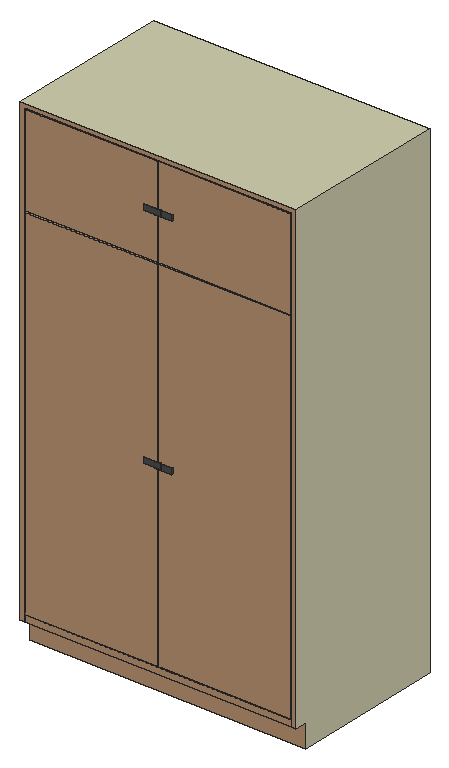
Revit family "Cabinet_Wenger_UltraStor_34", category Furniture, Revit 2015
Parameters (values of type "UltraStor Cabinet #34 - Comp Wood Doors")
  Upper Door Style = Door_Base : Solid Door
  URL = "https://www.wengercorp.com/"
  Type Comments = ""
  Specification = "http://www.arcat.com/sdspecs/htm04/12_35_83wen.htm"
  Shelf Thickness = 0' - 1 1/8"
  Sales Information = "https://www.wengercorp.com/contact-us.php"
  Revision = "R1_2018-04"
  Rear Panel Thickness = 0' - 0 3/4"
  Product Data = "http://www.arcat.com/arcatcos/cos36/arc36487.html"
  Manufacturer Website = "https://www.wengercorp.com/"
  Manufacturer Phone - Toll Free = "800-4WENGER"
  Manufacturer Phone = "(507) 455-4100"
  Manufacturer Fax = "(507) 455-4258"
  Manufacturer Address = "555 Park Dr., Owatonna, MN 55060"
  Keynote = "12 35 83"
  HasDoors = yes
  Green Building-LEED = "http://www.arcat.com/green/clients/leed_data_36487.html"
  Drawn By = "Sumex Design, Inc. / Robert S. Weygant, CSI, CDT, SCIP"
  Door Width = (Cabinet Width - 0' 1 1/2") / 2  # 1' - 11 1/2"
  Door Style = Door_FullHt : Solid Door
  Door Material [instance] = Wenger Cherry (Use Cherry Edge Band Only)
  Door Height = (Cabinet Height - 0' 4 3/4") / 5  # 1' - 4.175"
  Toe Kick Material [instance] = Wenger Cherry (Use Cherry Edge Band Only)
  RH End Panel [instance] = no
  Model = "#34"
  Manufacturer = "Wenger Corporation"
  LH End Panel [instance] = no
  End Panel Material [instance] = Wenger Cherry (Use Cherry Edge Band Only)
  Edge Banding Material [instance] = Wenger Cherry (Use Cherry Edge Band Only)
  Cost = 0
  Copyright = "© 2018 Arcat Inc."
  Construction Details = "http://www.arcat.com/details/wengerco/wengerco.html?coid=36487"
  Body Material [instance] = Wenger - Oyster
  Description = "Wenger UltraStor Cabinet #34 - Comp Wood Doors"
  Cabinet Width = 4' - 0 1/2"
  Cabinet Height = 7' - 1 5/8"
  Installed Depth = 2' - 5 1/4"
  Cabinet Panel Thickness = 0' - 0 3/4"
  Assembly Code = "E2010200"
Types (4): name | Upper Door Style | HasDoors | Door Style | Door Material | Description
  UltraStor Cabinet #34 - Comp Grille Doors | Door_Base : Bars | yes | Door_FullHt : Bars | Painted Black | "Wenger UltraStor Cabinet #34 - Comp Grille Doors"
  UltraStor Cabinet #34 - Comp Waterfall Grille Doors | Door_Base : Waterfall | yes | Door_FullHt : Waterfall | Painted Black | "Wenger UltraStor Cabinet #34 - Comp Waterfall Grille Doors"
  UltraStor Cabinet #34 - No Doors | Door_Base : Solid Door | no | Door_FullHt : Solid Door | none | "Wenger UltraStor Cabinet #34 - No Doors"
  UltraStor Cabinet #34 - Comp Wood Doors | Door_Base : Solid Door | yes | Door_FullHt : Solid Door | Wenger Cherry (Use Cherry Edge Band Only) | "Wenger UltraStor Cabinet #34 - Comp Wood Doors"
Reference planes (in)
  plane 1 "Front": y = 0
  plane 2: z = 0
  plane 3 "Left": x = 0
  plane 4 "Right": x = 48.5
  plane 5 "Back": y = 29.25
  plane 6 "Top": z = 85.625
  plane 7: z = 4
  plane 8: z = 68.7
  plane 9: x = 0.75
  plane 10: x = 47.75
  plane 11: z = 84.875
  plane 12: x = 24.25
  plane 13: y = 28.5
  plane 14: y = 2
  plane 15: y = 0.75
  plane 16: z = 69.825
  plane 17: z = 5.125
Forms (in)
  Extrusion 1, solid, material "Wenger - Oyster" <- "Body Material"
    sketch origin (0, 0, 0) x (0, 1, 0) y (0, 0, 1)
      loop
        line (0, 85.625) -> (0, 4) -> (2, 4) -> (2, 0) -> (29.25, 0) -> (29.25, 85.625) -> (0, 85.625)
    from 0 to 48.5
  Extrusion 2, void
    sketch origin (0, 0, 0) x (0, 1, 0) y (0, 0, 1)
      loop
        line (-5.5, 84.875) -> (-5.5, 68.7) -> (0.75, 68.7)
        arc (0.75, 68.7) -> (1.18296, 69.47588) -> (2, 69.825) r 1.375
        line (2, 69.825) -> (28.5, 69.825) -> (28.5, 84.875) -> (-5.5, 84.875)
    from 0.75 to 47.75
  Extrusion 3, void
    sketch origin (0, 0, 0) x (0, 1, 0) y (0, 0, 1)
      loop
        line (0, 84.875) -> (0, 4) -> (0.0625, 4) -> (0.0625, 84.875) -> (0, 84.875)
    from 0.75 to 47.75
  Extrusion 4, void
    sketch origin (0, 0, 0) x (1, 0, 0) y (0, 0, 1)
      loop
        line (0.75, 68.7) -> (0.75, 5.125) -> (47.75, 5.125) -> (47.75, 68.7) -> (0.75, 68.7)
    from -28.5 to 0
  Extrusion 5, solid, material "Metal_Black", detail levels fine
    sketch origin (0, 0, 0) x (0, 1, 0) y (0, 0, 1)
      loop
        line (14.09046, 66.01016) -> (14.09046, 67.26016) -> (13.46546, 67.26016) -> (13.24646, 66.88084) -> (13.31074, 66.84373) -> (13.50831, 67.18594) -> (14.01624, 67.18594) -> (14.01624, 66.01016) -> (14.09046, 66.01016)
    from 0.75 to 47.75
Cuts and joins
  Extrusion 2, Extrusion 3, Extrusion 4 cuts Extrusion 1
Lines and regions (in)
  Masking region 1
    outline origin (0, 0, 0) x (1, 0, 0) y (0, 1, 0)
      loop
        line (0, 29.25) -> (0, 0) -> (48.5, 0) -> (48.5, 29.25) -> (0, 29.25)
Dimensions and locks (in)
  "Cabinet Panel Thickness": plane 3 "Left" to plane 9
  "Cabinet Panel Thickness": plane 10 to plane 4 "Right"
  "Cabinet Panel Thickness": plane 5 "Back" to plane 13
  locked: plane 1 "Front" to plane 15 at 0.75
  locked: plane 1 "Front" to plane 14 at 2
  "Shelf Thickness": plane 16 to plane 8
  "Cabinet Panel Thickness": plane 6 "Top" to plane 11
  "Shelf Thickness": plane 17 to plane 7
  "Cabinet Width": plane 3 "Left" to plane 4 "Right"
  locked: plane 7 to level at 4
  "Cabinet Height": plane 6 "Top" to level
  "Installed Depth": plane 1 "Front" to plane 5 "Back"
  equal spacing: plane 5 "Back", nested 2, plane 1 "Front"
  locked: nested 2 to plane 12
  equal spacing: plane 4 "Right", plane 12, plane 3 "Left"
  "Door Height": plane 11 to plane 8
  aligned and locked: Extrusion 1 sketch curve to plane 6 "Top"
  aligned and locked: Extrusion 1 sketch curve to plane 5 "Back"
  aligned and locked: Extrusion 1 sketch curve to plane 1 "Front"
  aligned and locked: Extrusion 1 sketch curve to plane 7
  aligned and locked: Extrusion 1 sketch curve to plane 14
  aligned and locked: Extrusion 1 sketch curve to level
  aligned and locked: Extrusion 1 to plane 4 "Right"
  aligned and locked: Extrusion 1 to plane 3 "Left"
  aligned and locked: Extrusion 2 sketch curve to plane 11
  aligned and locked: Extrusion 2 sketch curve to plane 13
  aligned and locked: Extrusion 2 sketch curve to plane 8
  aligned and locked: Extrusion 2 sketch curve to plane 16
  aligned and locked: Extrusion 2 to plane 9
  aligned and locked: Extrusion 3 sketch curve to cut or joined group of Extrusion 1, Extrusion 2, Extrusion 3, Extrusion 4  (x2)
  aligned and locked: Extrusion 3 to plane 10
  aligned and locked: Extrusion 3 to plane 9
  aligned and locked: plane 8 to cut or joined group of Extrusion 1, Extrusion 2, Extrusion 3, Extrusion 4
  aligned and locked: nested 4 to plane 9
  aligned and locked: plane 7 to cut or joined group of Extrusion 1, Extrusion 2, Extrusion 3, Extrusion 4
  aligned and locked: plane 1 "Front" to nested 5
  aligned and locked: nested 5 to level
  aligned and locked: nested 5 to plane 4 "Right"
  aligned and locked: Masking region 1 sketch curve to plane 5 "Back"
  aligned and locked: Masking region 1 sketch curve to plane 1 "Front"
  aligned and locked: plane 3 "Left" to Masking region 1 sketch curve
  aligned and locked: plane 4 "Right" to Masking region 1 sketch curve
  aligned and locked: plane 13 to Extrusion 4
  aligned and locked: plane 1 "Front" to Extrusion 4
  aligned and locked: Extrusion 2 to plane 10
  aligned and locked: plane 8 to nested 4
  aligned and locked: Extrusion 4 to plane 8
  aligned and locked: Extrusion 5 to plane 10
  aligned and locked: Extrusion 5 to plane 9
  aligned and locked: nested 7 to plane 10
  aligned and locked: nested 7 to plane 8
  aligned and locked: nested 4 to plane 17
  aligned and locked: nested 7 to plane 17
  aligned and locked: plane 12 to nested 3
  aligned and locked: nested 3 to plane 9
  aligned and locked: nested 6 to plane 10
  aligned and locked: nested 6 to plane 12
  aligned and locked: nested 6 to plane 8
  aligned and locked: nested 6 to plane 11
  aligned and locked: nested 3 to plane 8
  aligned and locked: plane 11 to nested 3
Automatic sketch dimensions
  plane 15 to Extrusion 3 sketch curve = 0' - 0 11/16"
  Extrusion 2 sketch curve to plane 15 = 0' - 0"
  Extrusion 2 sketch curve to plane 14 = 0' - 0"
  Extrusion 2 sketch curve to plane 14 = 0' - 0.10279"
  Extrusion 3 sketch curve to plane 11 = 0' - 0"
  plane 1 "Front" to Extrusion 2 sketch curve = 0' - 5 1/2"
  Extrusion 4 sketch curve to plane 9 = 0' - 0"
  plane 10 to Extrusion 4 sketch curve = 0' - 0"
  Extrusion 4 sketch curve to plane 17 = 0' - 0"
  plane 17 to Extrusion 4 sketch curve = 5' - 3.575"
  Extrusion 5 sketch curve to plane 8 = 0' - 1.81916"
  Extrusion 5 sketch curve to plane 14 = 0' - 11.24646"
  Extrusion 5 sketch curve to plane 8 = 0' - 1.85627"
  Extrusion 5 sketch curve to Extrusion 5 sketch curve = 0' - 0.06428"
  Extrusion 5 sketch curve to Extrusion 5 sketch curve = 0' - 0.219"
  Extrusion 5 sketch curve to Extrusion 5 sketch curve = 0' - 0.04285"
  Extrusion 5 sketch curve to Extrusion 5 sketch curve = 0' - 0.70551"
  Extrusion 5 sketch curve to Extrusion 5 sketch curve = 0' - 0 19/256"
  Extrusion 5 sketch curve to Extrusion 5 sketch curve = 0' - 0.83357"
Nested families (in)
  nested 1: "End Panel" at (0, 14.25, 0) x (0, -1, 0) z (0, 0, 1), End Panel Material <- "End Panel Material", visible <- "LH End Panel", Edge Banding Material <- "Edge Banding Material", type "End Panel"
    with End Panel Material Wenger Cherry (Use Cherry Edge Band Only), Edge Banding Material Wenger Cherry (Use Cherry Edge Band Only), End Panel Depth 2' - 5 1/4"
  nested 2: "Labels" at (24.25, 14.625, 0), type "Labels"
  nested 3: "Door_Base" at (12.5, 0, 68.7) x (1, 0, 0) z (0, -1, 0), visible <- "HasDoors", type <- "Upper Door Style", type "Solid Door", detail levels medium+fine
    with vBars 22, Width 1' - 11 1/2", ToeKick Height 0' - 4", MidBar no, Height 1' - 4.175", BarHt 1' - 3.675", 2HzBars no
  nested 4: "Door_FullHt" at (12.5, 0, 5.125) x (1, 0, 0) z (0, -1, 0), type <- "Door Style", visible <- "HasDoors", Width <- "Door Width", type "Solid Door", detail levels medium+fine
    with vBars 22, Width 1' - 11 1/2", ToeKick Height 0' - 4", MidBar no, Height 5' - 3.575", HalfHt 2' - 7.5375", BarHt 5' - 3.075", 2HzBars no
  nested 5: "End Panel" at (49.25, 14.25, 0) x (0, -1, 0) z (0, 0, 1), End Panel Material <- "End Panel Material", Edge Banding Material <- "Edge Banding Material", visible <- "RH End Panel", type "End Panel"
    with End Panel Material Wenger Cherry (Use Cherry Edge Band Only), Edge Banding Material Wenger Cherry (Use Cherry Edge Band Only), End Panel Depth 2' - 5 1/4"
  nested 6: "Door_Base" at (36, 0, 84.875) x (-1, 0, 0) z (0, -1, 0), visible <- "HasDoors", type <- "Upper Door Style", type "Solid Door"
    with vBars 22, Width 1' - 11 1/2", ToeKick Height 0' - 4", MidBar no, Height 1' - 4.175", BarHt 1' - 3.675", 2HzBars no
  nested 7: "Door_FullHt" at (36, 0, 68.7) x (-1, 0, 0) z (0, -1, 0), Width <- "Door Width", type <- "Door Style", visible <- "HasDoors", type "Solid Door"
    with vBars 22, Width 1' - 11 1/2", ToeKick Height 0' - 4", MidBar no, Height 5' - 3.575", HalfHt 2' - 7.5375", BarHt 5' - 3.075", 2HzBars no
Definition of nested family "End Panel"
  Parameters (values of type "End Panel")
    End Panel Material [instance] = none
    End Panel Height = 7' - 1 5/8"
    End Panel Depth = 1' - 9 3/4"
    Edge Banding Material [instance] = none
    Default Elevation = 4' - 0"
    Assembly Code = ""
  Reference planes (in)
    plane 1 "Center (Front/Back)": y = 0
    plane 2: z = 0
    plane 3 "Center (Left/Right)": x = 0
    plane 4: x = -15
    plane 5: x = 6.75
    plane 6: z = 4
    plane 7: x = 4.75
    plane 8: z = 85.625
    plane 9: y = -0.75
  Forms (in)
    Extrusion 1, solid, material <- "End Panel Material"
      sketch origin (0, 0, 0) x (1, 0, 0) y (0, 0, 1)
        loop
          line (-15, 85.625) -> (-15, 0) -> (4.75, 0) -> (4.75, 4) -> (6.75, 4) -> (6.75, 85.625) -> (-15, 85.625)
      from 0 to 0.75
  Lines and regions (in)
    Masking region 1, detail levels coarse+medium
      outline origin (0, 0, 0) x (1, 0, 0) y (0, 1, 0)
        loop
          line (-15, 0) -> (-15, -0.75) -> (6.75, -0.75) -> (6.75, 0) -> (-15, 0)
  Dimensions and locks (in)
    locked: plane 7 to plane 5 at 2
    locked: plane 6 to level at 4
    "End Panel Height": plane 8 to level
    "End Panel Depth": plane 5 to plane 4
    locked: plane 9 to plane 1 "Center (Front/Back)" at 0.75
    aligned and locked: plane 4 to Extrusion 1 sketch curve
    aligned and locked: level to Extrusion 1 sketch curve
    aligned and locked: plane 7 to Extrusion 1 sketch curve
    aligned and locked: plane 6 to Extrusion 1 sketch curve
    aligned and locked: Extrusion 1 sketch curve to plane 5
    aligned and locked: Extrusion 1 sketch curve to plane 8
    aligned and locked: Extrusion 1 to plane 9
    aligned and locked: Extrusion 1 to plane 1 "Center (Front/Back)"
    aligned and locked: plane 4 to Masking region 1 sketch curve
    aligned and locked: Masking region 1 sketch curve to plane 5
    aligned and locked: plane 1 "Center (Front/Back)" to Masking region 1 sketch curve
    aligned and locked: plane 9 to Masking region 1 sketch curve
Definition of nested family "Door_Base"
  Parameters (values of type "Bars")
    vBars [instance] = (Width - 0' 2") / 0' 1"  # 6
    Width [instance] = 0' - 8"
    ToeKick Height [instance] = 0' - 4"
    Thickness = 0' - 0 1/4"
    Solid Door = no
    Shelf Thickness = 0' - 0 3/4"
    Panel Thickness = 0' - 0 3/4"
    MidBar [instance] = and(Height < 1' 6", not(Solid Door))  # yes
    Height [instance] = 1' - 2 5/8"
    Edge Banding = none
    DoorGap = 0' - 0 1/8"
    Door Finish = none
    Depth = 2' - 0"
    Default Elevation = 4' - 0"
    Bars = yes
    BarStyle = Bars : Straight
    BarHt [instance] = Height - 0' 0 1/2"  # 1' - 2 1/8"
    2HzBars [instance] = and(Height > 1' 6", not(Solid Door))  # no
  Types (3): name | Thickness | Solid Door | MidBar | Bars | BarStyle
    Solid Door | 0' - 0 3/4" | yes | no | no | Bars : Waterfall
    Bars | 0' - 0 1/4" | no | yes | yes | Bars : Straight
    Waterfall | 0' - 0 3/4" | no | yes | yes | Bars : Waterfall
  Reference planes (in)
    plane 1 "Center (Front/Back)": y = 0
    plane 2: z = 0
    plane 3 "Center (Left/Right)": x = 0
    plane 4: x = -4
    plane 5: y = 14.625
    plane 6: x = 4
    plane 7: z = -0.25
    plane 8: x = -3.875
    plane 9: x = 3.875
    plane 10: y = 0.125
    plane 11: y = 14.5
    plane 12: y = -0.75
    plane 13 "CL Elev": y = 7.3125
    plane 14: x = -3.75
    plane 15: x = 3.75
    plane 16 "BtmRail": y = 0.25
    plane 17: y = 14.375
    plane 18: z = -0.125
    plane 19: x = -2.75
    plane 20: x = 2.75
    plane 21: y = 9.66667
    plane 22: y = 4.95833
  Forms (in)
    Extrusion 1, solid, material <- "Door Finish", visible <- "Solid Door", detail levels medium+fine
      sketch origin (0, 0, 0) x (1, 0, 0) y (0, 1, 0)
        loop
          arc (-3.75, 14.5) -> (-3.83839, 14.46339) -> (-3.875, 14.375) r 0.125
          line (-3.875, 14.375) -> (-3.875, 0.25)
          arc (-3.875, 0.25) -> (-3.83839, 0.16161) -> (-3.75, 0.125) r 0.125
          line (-3.75, 0.125) -> (3.75, 0.125)
          arc (3.75, 0.125) -> (3.83839, 0.16161) -> (3.875, 0.25) r 0.125
          line (3.875, 0.25) -> (3.875, 14.375)
          arc (3.875, 14.375) -> (3.83839, 14.46339) -> (3.75, 14.5) r 0.125
          line (3.75, 14.5) -> (-3.75, 14.5)
      from 0 to -0.25
    Sweep 2, solid, material <- "Door Finish", visible <- "Bars", detail levels medium+fine
      path origin (0, 0, 0) x (1, 0, 0) y (0, 1, 0)
        loop
          arc (-3.125, 14.5) -> (-3.65533, 14.28033) -> (-3.875, 13.75) r 0.75
          line (-3.875, 13.75) -> (-3.875, 0.875)
          arc (-3.875, 0.875) -> (-3.65533, 0.34467) -> (-3.125, 0.125) r 0.75
          line (-3.125, 0.125) -> (3.125, 0.125)
          arc (3.125, 0.125) -> (3.65533, 0.34467) -> (3.875, 0.875) r 0.75
          line (3.875, 0.875) -> (3.875, 13.75)
          arc (3.875, 13.75) -> (3.65533, 14.28033) -> (3.125, 14.5) r 0.75
          line (3.125, 14.5) -> (-3.125, 14.5)
      profile origin (0, 14.5, 0) x (0, 1, 0) y (0, 0, 1)
        loop
          circle (-0.125, -0.125) r 0.125
    Extrusion 3, solid, material <- "Door Finish", visible <- "MidBar", detail levels medium+fine
      sketch origin (0, 0, 0) x (0, 1, 0) y (0, 0, 1)
        loop
          circle (7.3125, -0.125) r 0.125
      from -3.75 to 3.75
    Extrusion 4, solid, detail levels fine
      sketch origin (0, 0, 0) x (1, 0, 0) y (0, 1, 0)
        loop
          line (1.5, 7.8125) -> (1.5, 6.8125) -> (4.5, 6.8125) -> (4.5, 7.8125) -> (1.5, 7.8125)
      from 0 to 0.125
    Extrusion 5, solid, material <- "Door Finish", visible <- "2HzBars", detail levels medium+fine
      sketch origin (0, 0, 0) x (0, 1, 0) y (0, 0, 1)
        loop
          circle (9.66667, -0.125) r 0.125
        loop
          circle (4.95833, -0.125) r 0.125
      from -3.75 to 3.75
  Lines and regions (in)
    symbolic lines, detail levels medium+fine
      curve 1: line (4, 0.25, 0) -> (-4, 0.25, 0)
      curve 2: line (-4, 0.25, 0) -> (-4, 0.25, 8)
      curve 3: arc (4, 0.25, 0) -> (1.65685, 0.25, 5.65685) -> (-4, 0.25, 8) r 8
    symbolic lines
      curve 4: line (3.875, 0.25, 0) -> (3.875, 0.25, -0.25)
      curve 5: line (3.875, 0.25, -0.25) -> (-3.875, 0.25, -0.25)
      curve 6: line (-3.875, 0.25, -0.25) -> (-3.875, 0.25, 0)
    symbolic lines, detail levels medium
      curve 7: line (3.875, 14.5, 0) -> (-3.875, 7.3125, 0)
      curve 8: line (-3.875, 7.3125, 0) -> (3.875, 0.125, 0)
  Dimensions and locks (in)
    "Height": plane 1 "Center (Front/Back)" to plane 5
    "Thickness": level to plane 7
    equal spacing: plane 4, plane 3 "Center (Left/Right)", plane 6
    "Width": plane 4 to plane 6
    "DoorGap": plane 5 to plane 11
    "DoorGap": plane 9 to plane 6
    "DoorGap": plane 4 to plane 8
    "DoorGap": plane 1 "Center (Front/Back)" to plane 10
    "Shelf Thickness": plane 1 "Center (Front/Back)" to plane 12
    equal spacing: plane 1 "Center (Front/Back)", plane 13 "CL Elev", plane 5
    locked: plane 15 to plane 9 at 0.125
    locked: plane 8 to plane 14 at 0.125
    locked: plane 11 to plane 17 at 0.125
    locked: plane 16 "BtmRail" to plane 10 at 0.125
    locked: level to plane 18 at 0.125
    plane 19 to plane 14 = 0' - 1"
    locked: plane 15 to plane 20 at 1
    Extrusion 4 sketch curve to plane 13 "CL Elev" to Extrusion 4 sketch curve = 0' - 0 1/2" locked, 0' - 0 1/2" locked
    locked: plane 6 to Extrusion 4 sketch curve at 0.5
    locked: Extrusion 4 sketch curve to plane 6 at 2.5
    locked: Extrusion 4 to level at 0.125
    equal spacing: group 1, group 3, group 4, group 5, group 6, group 2  (x3)
    equal spacing: plane 17, plane 21, plane 22, plane 16 "BtmRail"
    "Width": radius of curve 3
    aligned and locked: plane 2 to level
    aligned and locked: Extrusion 1 sketch curve to plane 11
    aligned and locked: plane 8 to Extrusion 1 sketch curve
    aligned and locked: Extrusion 1 sketch curve to plane 9
    aligned and locked: plane 10 to Extrusion 1 sketch curve
    aligned and locked: Extrusion 1 to plane 7
    aligned and locked: level to Extrusion 1
    aligned and locked: Sweep 2 sketch curve to plane 11
    aligned and locked: plane 8 to Sweep 2 sketch curve
    aligned and locked: plane 10 to Sweep 2 sketch curve
    aligned and locked: Sweep 2 sketch curve to plane 9
    aligned and locked: plane 15 to Extrusion 3
    aligned and locked: Extrusion 3 to plane 14
    aligned and locked: plane 20 to nested 2
    aligned and locked: plane 19 to nested 1
    aligned and locked: plane 21 to Extrusion 5 sketch curve
    aligned and locked: plane 18 to Extrusion 5 sketch curve  (x2)
    aligned and locked: plane 22 to Extrusion 5 sketch curve
    aligned and locked: Extrusion 5 to Extrusion 3  (x2)
    aligned and locked: plane 4 to curve 3  (x2)
    aligned and locked: level to curve 3
    aligned and locked: plane 7 to curve 5
    aligned and locked: Extrusion 1 to plane 8
    aligned and locked: plane 9 to Extrusion 1
    aligned and locked: plane 10 to curve 8
    aligned and locked: plane 9 to curve 8
    aligned and locked: plane 13 "CL Elev" to curve 8
    aligned and locked: plane 11 to curve 7
    aligned and locked: plane 9 to curve 7
  Automatic sketch dimensions
    plane 8 to Sweep 2 sketch curve = 0' - 0 3/4"  (x2)
    Sweep 2 sketch curve to plane 9 = 0' - 0 3/4"
    Sweep 2 sketch curve to Sweep 2 sketch curve = 0' - 0 3/4"
    Sweep 2 sketch curve to level = 0' - 0 1/8"
    profile plane to Sweep 2 sketch curve = 0' - 0 1/8"
    Extrusion 3 sketch curve to level = 0' - 0 1/8"
    Extrusion 3 sketch curve to plane 13 "CL Elev" = 0' - 0"
    curve 8 to plane 8 = 0' - 0"
    Extrusion 1 sketch curve to plane 14 = 0' - 0"  (x2)
    Extrusion 1 sketch curve to plane 15 = 0' - 0"  (x2)
    curve 5 to plane 9 = 0' - 0"
    curve 6 to plane 8 = 0' - 0"
    radius of Sweep 2 sketch curve = 0' - 0 1/8"
    radius of Extrusion 3 sketch curve = 0' - 0 1/8"
    radius of Extrusion 5 sketch curve = 0' - 0 1/8"  (x2)
  Nested families (in)
    nested 1: "Bars" at (-2.75, 0.25, -0.125) x (1, 0, 0) z (0, 1, 0), type <- "BarStyle", visible <- "Bars", type "Straight", detail levels fine
      with Lateral Deviation 0' - 1", Height 1' - 2 1/8"
    nested 2: "Bars" at (2.75, 0.25, -0.125) x (1, 0, 0) z (0, 1, 0), type <- "BarStyle", visible <- "Bars", type "Straight", detail levels fine
      with Lateral Deviation 0' - 1", Height 1' - 2 1/8"
    nested 3: "Bars" at (-1.65, 0.25, -0.125) x (1, 0, 0) z (0, 1, 0), type <- "BarStyle", visible <- "Bars", type "Straight", detail levels fine
      with Lateral Deviation 0' - 1", Height 1' - 2 1/8"
    nested 4: "Bars" at (-0.55, 0.25, -0.125) x (1, 0, 0) z (0, 1, 0), type <- "BarStyle", visible <- "Bars", type "Straight", detail levels fine
      with Lateral Deviation 0' - 1", Height 1' - 2 1/8"
    nested 5: "Bars" at (0.55, 0.25, -0.125) x (1, 0, 0) z (0, 1, 0), type <- "BarStyle", visible <- "Bars", type "Straight", detail levels fine
      with Lateral Deviation 0' - 1", Height 1' - 2 1/8"
    nested 6: "Bars" at (1.65, 0.25, -0.125) x (1, 0, 0) z (0, 1, 0), type <- "BarStyle", visible <- "Bars", type "Straight", detail levels fine
      with Lateral Deviation 0' - 1", Height 1' - 2 1/8"
  Definition of nested family "Bars"
    Parameters (values of type "Straight")
      WaterFall = no
      Straight = yes
      Lateral Deviation = 0' - 1 1/2"
      Height = 1' - 2 5/8"
      Default Elevation = 4' - 0"
      Bars = none
    Types (3): name | WaterFall | Straight
      (no name) | no | yes
      Waterfall | yes | no
      Straight | no | yes
    Reference planes (in)
      plane 1 "Center (Front/Back)": y = 0
      plane 2: z = 0
      plane 3 "Center (Left/Right)": x = 0
      plane 4: z = 14.625
      plane 5: z = 7.3125
      plane 6: x = 0.75
      plane 7: x = -0.75
      plane 8: z = 10.96875
      plane 9: z = 3.65625
    Forms (in)
      Sweep 1, solid, material <- "Bars", visible <- "WaterFall"
        path origin (0, 0, 0) x (1, 0, 0) y (0, 0, 1)
          loop
            arc (0, 0) -> (0.56057, 1.79006) -> (0.75, 3.65625) r 9.28711
            arc (0.75, 3.65625) -> (0.56057, 5.52244) -> (0, 7.3125) r 9.28711
        profile origin (0.56057, 0, 1.79006) x (-0.979603, 0, 0.200944) y (0, -1, 0)
          loop
            circle (0, 0) r 0.0625
      Sweep 2, solid, material <- "Bars", visible <- "WaterFall"
        path origin (0, 0, 14.625) x (-1, 0, 0) y (0, 0, -1)
          loop
            arc (0, 0) -> (0.56057, 1.79006) -> (0.75, 3.65625) r 9.28711
            arc (0.75, 3.65625) -> (0.56057, 5.52244) -> (0, 7.3125) r 9.28711
        profile origin (-0.56057, 0, 12.83494) x (0.979603, 0, -0.200944) y (0, -1, 0)
          loop
            circle (0, 0) r 0.0625
      Extrusion 3, solid, material <- "Bars", visible <- "Straight"
        sketch origin (0, 0, 0) x (1, 0, 0) y (0, 1, 0)
          loop
            circle (0, 0) r 0.0625
        from 0 to 14.625
    Dimensions and locks (in)
      "Height": plane 4 to level
      equal spacing: plane 6, plane 3 "Center (Left/Right)", plane 7
      "Lateral Deviation": plane 6 to plane 7
      equal spacing: plane 4, plane 8, plane 5, plane 9, level
      aligned and locked: plane 2 to level
      aligned and locked: plane 3 "Center (Left/Right)" to Sweep 1 sketch curve  (x2)
      aligned and locked: level to Sweep 1 sketch curve
      aligned and locked: plane 6 to Sweep 1 sketch curve
      aligned and locked: plane 9 to Sweep 1 sketch curve
      aligned and locked: plane 4 to Sweep 2 sketch curve
      aligned and locked: plane 3 "Center (Left/Right)" to Sweep 2 sketch curve  (x2)
      aligned and locked: plane 8 to Sweep 2 sketch curve
      aligned and locked: plane 7 to Sweep 2 sketch curve
      aligned and locked: plane 5 to Sweep 2 sketch curve
      aligned and locked: plane 4 to Extrusion 3
      aligned and locked: Extrusion 3 to level
    Automatic sketch dimensions
      plane 1 "Center (Front/Back)" to Sweep 1 sketch curve = 0' - 0"
      Sweep 1 sketch curve to profile plane = 0' - 0"
      Sweep 1 sketch curve to Sweep 1 sketch curve = 0' - 0"
      Sweep 2 sketch curve to plane 1 "Center (Front/Back)" = 0' - 0"
      Sweep 2 sketch curve to profile plane = 0' - 0"
      plane 1 "Center (Front/Back)" to Extrusion 3 sketch curve = 0' - 0"
      Extrusion 3 sketch curve to plane 3 "Center (Left/Right)" = 0' - 0"
      radius of Sweep 1 sketch curve = 0' - 0 1/16"
      radius of Sweep 2 sketch curve = 0' - 0 1/16"
      radius of Extrusion 3 sketch curve = 0' - 0 1/16"
Definition of nested family "Door_FullHt"
  Parameters (values of type "Waterfall")
    vBars [instance] = (Width - 0' 2") / 0' 1"  # 6
    Width [instance] = 0' - 8"
    ToeKick Height [instance] = 0' - 4"
    Thickness = 0' - 0 3/4"
    Solid Door = no
    Shelf Thickness = 0' - 0 3/4"
    Panel Thickness = 0' - 0 3/4"
    MidBar [instance] = and(Height > 3' 6", HasDoor, not(Solid Door))  # no
    Height [instance] = 1' - 2 5/8"
    HasDoor = yes
    HalfHt [instance] = Height / 2 - 0' 0 1/4"  # 0' - 7 1/16"
    Edge Banding = none
    DoorGap = 0' - 0 1/8"
    Door Finish = none
    Depth = 2' - 0"
    Default Elevation = 4' - 0"
    Bars = yes
    BarStyle = Bars : Waterfall
    BarHt [instance] = Height - 0' 0 1/2"  # 1' - 2 1/8"
    2HzBars [instance] = and(Height > 1' 6", not(Solid Door))  # no
  Types (3): name | Thickness | Solid Door | Bars | BarStyle
    Solid Door | 0' - 0 3/4" | yes | no | Bars : Waterfall
    Bars | 0' - 0 1/4" | no | yes | Bars : Straight
    Waterfall | 0' - 0 3/4" | no | yes | Bars : Waterfall
  Reference planes (in)
    plane 1 "Center (Front/Back)": y = 0
    plane 2: z = 0
    plane 3 "Center (Left/Right)": x = 0
    plane 4: x = -4
    plane 5: y = 14.625
    plane 6: x = 4
    plane 7: z = -0.75
    plane 8: x = -3.875
    plane 9: x = 3.875
    plane 10: y = 0.125
    plane 11: y = 14.5
    plane 12: y = -0.75
    plane 13 "CL Elev": y = 7.3125
    plane 14: x = -3.75
    plane 15: x = 3.75
    plane 16 "BtmRail": y = 0.25
    plane 17: y = 14.375
    plane 18: z = -0.125
    plane 19: x = -2.75
    plane 20: x = 2.75
    plane 21: y = 10.96875
    plane 22: y = 3.65625
  Forms (in)
    Extrusion 1, solid, material <- "Door Finish", visible <- "Solid Door", detail levels medium+fine
      sketch origin (0, 0, 0) x (1, 0, 0) y (0, 1, 0)
        loop
          arc (-3.75, 14.5) -> (-3.83839, 14.46339) -> (-3.875, 14.375) r 0.125
          line (-3.875, 14.375) -> (-3.875, 0.25)
          arc (-3.875, 0.25) -> (-3.83839, 0.16161) -> (-3.75, 0.125) r 0.125
          line (-3.75, 0.125) -> (3.75, 0.125)
          arc (3.75, 0.125) -> (3.83839, 0.16161) -> (3.875, 0.25) r 0.125
          line (3.875, 0.25) -> (3.875, 14.375)
          arc (3.875, 14.375) -> (3.83839, 14.46339) -> (3.75, 14.5) r 0.125
          line (3.75, 14.5) -> (-3.75, 14.5)
      from 0 to -0.75
    Sweep 2, solid, material <- "Door Finish", visible <- "Bars", detail levels medium+fine
      path origin (0, 0, 0) x (1, 0, 0) y (0, 1, 0)
        loop
          arc (-3.125, 14.5) -> (-3.65533, 14.28033) -> (-3.875, 13.75) r 0.75
          line (-3.875, 13.75) -> (-3.875, 0.875)
          arc (-3.875, 0.875) -> (-3.65533, 0.34467) -> (-3.125, 0.125) r 0.75
          line (-3.125, 0.125) -> (3.125, 0.125)
          arc (3.125, 0.125) -> (3.65533, 0.34467) -> (3.875, 0.875) r 0.75
          line (3.875, 0.875) -> (3.875, 13.75)
          arc (3.875, 13.75) -> (3.65533, 14.28033) -> (3.125, 14.5) r 0.75
          line (3.125, 14.5) -> (-3.125, 14.5)
      profile origin (0, 14.5, 0) x (0, 1, 0) y (0, 0, 1)
        loop
          circle (-0.125, -0.125) r 0.125
    Extrusion 3, solid, material <- "Door Finish", visible <- "MidBar", detail levels medium+fine
      sketch origin (0, 0, 0) x (0, 1, 0) y (0, 0, 1)
        loop
          circle (7.3125, -0.125) r 0.125
      from -3.75 to 3.75
    Extrusion 4, solid, visible <- "HasDoor", detail levels fine
      sketch origin (0, 0, 0) x (1, 0, 0) y (0, 1, 0)
        loop
          line (1.5, 7.8125) -> (1.5, 6.8125) -> (4.5, 6.8125) -> (4.5, 7.8125) -> (1.5, 7.8125)
      from 0 to 0.125
    Extrusion 5, solid, material <- "Door Finish", visible <- "2HzBars", detail levels medium+fine
      sketch origin (0, 0, 0) x (0, 1, 0) y (0, 0, 1)
        loop
          circle (10.96875, -0.125) r 0.125
        loop
          circle (3.65625, -0.125) r 0.125
      from -3.75 to 3.75
  Lines and regions (in)
    symbolic lines, visible <- "HasDoor", detail levels medium+fine
      curve 1: line (4, 0.25, 0) -> (-4, 0.25, 0)
      curve 2: line (-4, 0.25, 0) -> (-4, 0.25, 8)
      curve 3: arc (4, 0.25, 0) -> (1.65685, 0.25, 5.65685) -> (-4, 0.25, 8) r 8
    symbolic lines, visible <- "HasDoor"
      curve 4: line (3.875, 0.25, 0) -> (3.875, 0.25, -0.75)
      curve 5: line (3.875, 0.25, -0.75) -> (-3.875, 0.25, -0.75)
      curve 6: line (-3.875, 0.25, -0.75) -> (-3.875, 0.25, 0)
    symbolic lines, detail levels medium
      curve 7: line (3.875, 14.5, 0) -> (-3.875, 7.3125, 0)
      curve 8: line (-3.875, 7.3125, 0) -> (3.875, 0.125, 0)
  Dimensions and locks (in)
    "Height": plane 1 "Center (Front/Back)" to plane 5
    "Thickness": level to plane 7
    equal spacing: plane 4, plane 3 "Center (Left/Right)", plane 6
    "Width": plane 4 to plane 6
    "DoorGap": plane 5 to plane 11
    "DoorGap": plane 9 to plane 6
    "DoorGap": plane 4 to plane 8
    "DoorGap": plane 1 "Center (Front/Back)" to plane 10
    "Shelf Thickness": plane 1 "Center (Front/Back)" to plane 12
    equal spacing: plane 1 "Center (Front/Back)", plane 22, plane 13 "CL Elev", plane 21, plane 5
    locked: plane 15 to plane 9 at 0.125
    locked: plane 8 to plane 14 at 0.125
    locked: plane 11 to plane 17 at 0.125
    locked: plane 16 "BtmRail" to plane 10 at 0.125
    locked: level to plane 18 at 0.125
    plane 19 to plane 14 = 0' - 1"
    locked: plane 15 to plane 20 at 1
    Extrusion 4 sketch curve to plane 13 "CL Elev" to Extrusion 4 sketch curve = 0' - 0 1/2" locked, 0' - 0 1/2" locked
    locked: plane 6 to Extrusion 4 sketch curve at 0.5
    locked: Extrusion 4 sketch curve to plane 6 at 2.5
    locked: Extrusion 4 to level at 0.125
    equal spacing: group 1, group 3, group 4, group 5, group 6, group 2  (x3)
    equal spacing: group 7, group 9, group 10, group 11, group 12, group 8  (x2)
    equal spacing: group 8, group 12, group 11, group 10, group 9, group 7
    "Width": radius of curve 3
    aligned and locked: plane 2 to level
    aligned and locked: Extrusion 1 sketch curve to plane 11
    aligned and locked: plane 8 to Extrusion 1 sketch curve
    aligned and locked: Extrusion 1 sketch curve to plane 9
    aligned and locked: plane 10 to Extrusion 1 sketch curve
    aligned and locked: Extrusion 1 to plane 7
    aligned and locked: level to Extrusion 1
    aligned and locked: Sweep 2 sketch curve to plane 11
    aligned and locked: plane 8 to Sweep 2 sketch curve
    aligned and locked: plane 10 to Sweep 2 sketch curve
    aligned and locked: Sweep 2 sketch curve to plane 9
    aligned and locked: plane 15 to Extrusion 3
    aligned and locked: Extrusion 3 to plane 14
    aligned and locked: plane 20 to nested 2
    aligned and locked: plane 19 to nested 1
    aligned and locked: plane 21 to Extrusion 5 sketch curve
    aligned and locked: plane 18 to Extrusion 5 sketch curve  (x2)
    aligned and locked: plane 22 to Extrusion 5 sketch curve
    aligned and locked: Extrusion 5 to Extrusion 3  (x2)
    aligned and locked: plane 4 to curve 3  (x2)
    aligned and locked: level to curve 3
    aligned and locked: plane 7 to curve 5
    aligned and locked: Extrusion 1 to plane 8
    aligned and locked: plane 9 to Extrusion 1
    aligned and locked: plane 10 to curve 8
    aligned and locked: plane 9 to curve 8
    aligned and locked: plane 13 "CL Elev" to curve 8
    aligned and locked: plane 11 to curve 7
    aligned and locked: plane 9 to curve 7
    aligned and locked: plane 19 to nested 7
    aligned and locked: plane 13 "CL Elev" to nested 7
    aligned and locked: plane 20 to nested 8
    aligned and locked: plane 13 "CL Elev" to nested 8
    aligned and locked: plane 18 to nested 7
    aligned and locked: plane 18 to nested 9
  Automatic sketch dimensions
    plane 8 to Sweep 2 sketch curve = 0' - 0 3/4"  (x2)
    Sweep 2 sketch curve to plane 9 = 0' - 0 3/4"
    Sweep 2 sketch curve to Sweep 2 sketch curve = 0' - 0 3/4"
    Sweep 2 sketch curve to level = 0' - 0 1/8"
    profile plane to Sweep 2 sketch curve = 0' - 0 1/8"
    Extrusion 3 sketch curve to level = 0' - 0 1/8"
    Extrusion 3 sketch curve to plane 13 "CL Elev" = 0' - 0"
    curve 8 to plane 8 = 0' - 0"
    Extrusion 1 sketch curve to plane 14 = 0' - 0"  (x2)
    Extrusion 1 sketch curve to plane 15 = 0' - 0"  (x2)
    curve 5 to plane 9 = 0' - 0"
    curve 6 to plane 8 = 0' - 0"
    radius of Sweep 2 sketch curve = 0' - 0 1/8"
    radius of Extrusion 3 sketch curve = 0' - 0 1/8"
    radius of Extrusion 5 sketch curve = 0' - 0 1/8"  (x2)
  Nested families (in)
    nested 1: "Bars" at (-2.75, 0.25, -0.125) x (1, 0, 0) z (0, 1, 0), type <- "BarStyle", visible <- "Bars", type "Waterfall", detail levels fine
    nested 2: "Bars" at (2.75, 0.25, -0.125) x (1, 0, 0) z (0, 1, 0), type <- "BarStyle", visible <- "Bars", type "Waterfall", detail levels fine
    nested 3: "Bars" at (-1.65, 0.25, -0.125) x (1, 0, 0) z (0, 1, 0), type <- "BarStyle", visible <- "Bars", type "Waterfall", detail levels fine
    nested 4: "Bars" at (-0.55, 0.25, -0.125) x (1, 0, 0) z (0, 1, 0), type <- "BarStyle", visible <- "Bars", type "Waterfall", detail levels fine
    nested 5: "Bars" at (0.55, 0.25, -0.125) x (1, 0, 0) z (0, 1, 0), type <- "BarStyle", visible <- "Bars", type "Waterfall", detail levels fine
    nested 6: "Bars" at (1.65, 0.25, -0.125) x (1, 0, 0) z (0, 1, 0), type <- "BarStyle", visible <- "Bars", type "Waterfall", detail levels fine
    nested 7: "Bars" at (-2.75, 7.3125, -0.125) x (1, 0, 0) z (0, 1, 0), type <- "BarStyle", visible <- "Bars", type "Waterfall"
    nested 8: "Bars" at (2.75, 7.3125, -0.125) x (1, 0, 0) z (0, 1, 0), type <- "BarStyle", visible <- "Bars", type "Waterfall"
    nested 9: "Bars" at (-1.65, 7.3125, -0.125) x (1, 0, 0) z (0, 1, 0), type <- "BarStyle", visible <- "Bars", type "Waterfall"
    nested 10: "Bars" at (-0.55, 7.3125, -0.125) x (1, 0, 0) z (0, 1, 0), type <- "BarStyle", visible <- "Bars", type "Waterfall"
    nested 11: "Bars" at (0.55, 7.3125, -0.125) x (1, 0, 0) z (0, 1, 0), type <- "BarStyle", visible <- "Bars", type "Waterfall"
    nested 12: "Bars" at (1.65, 7.3125, -0.125) x (1, 0, 0) z (0, 1, 0), type <- "BarStyle", visible <- "Bars", type "Waterfall"
  Definition of nested family "Bars"
    Parameters (values of type "Straight")
      WaterFall = no
      Straight = yes
      Lateral Deviation = 0' - 1"
      Height = 0' - 7 1/16"
      Default Elevation = 4' - 0"
      Bars = none
    Types (2): name | WaterFall | Straight
      Waterfall | yes | no
      Straight | no | yes
    Reference planes (in)
      plane 1 "Center (Front/Back)": y = 0
      plane 2: z = 0
      plane 3 "Center (Left/Right)": x = 0
      plane 4: z = 7.0625
      plane 5: z = 3.53125
      plane 6: x = 0.5
      plane 7: x = -0.5
      plane 8: z = 5.29687
      plane 9: z = 1.76562
    Forms (in)
      Sweep 1, solid, material <- "Bars", visible <- "WaterFall", detail levels fine
        path origin (0, 0, 0) x (1, 0, 0) y (0, 0, 1)
          loop
            arc (0, 0) -> (0.37259, 0.8481) -> (0.5, 1.76563) r 3.36743
            arc (0.5, 1.76563) -> (0.37259, 2.68315) -> (0, 3.53125) r 3.36743
        profile origin (0.37259, 0, 0.8481) x (-0.962164, 0, 0.272471) y (0, -1, 0)
          loop
            circle (0, 0) r 0.0625
      Sweep 2, solid, material <- "Bars", visible <- "WaterFall", detail levels fine
        path origin (0, 0, 14.625) x (-1, 0, 0) y (0, 0, -1)
          loop
            arc (0, 7.5625) -> (0.37259, 8.4106) -> (0.5, 9.32812) r 3.36743
            arc (0.5, 9.32812) -> (0.37259, 10.24565) -> (0, 11.09375) r 3.36743
        profile origin (-0.37259, 0, 6.2144) x (0.962164, 0, -0.272471) y (0, -1, 0)
          loop
            circle (0, 0) r 0.0625
      Extrusion 3, solid, material <- "Bars", visible <- "Straight", detail levels fine
        sketch origin (0, 0, 0) x (1, 0, 0) y (0, 1, 0)
          loop
            circle (0, 0) r 0.0625
        from 0 to 7.0625
    Dimensions and locks (in)
      "Height": plane 4 to level
      equal spacing: plane 6, plane 3 "Center (Left/Right)", plane 7
      "Lateral Deviation": plane 6 to plane 7
      equal spacing: plane 4, plane 8, plane 5, plane 9, level
      aligned and locked: plane 2 to level
      aligned and locked: plane 3 "Center (Left/Right)" to Sweep 1 sketch curve  (x2)
      aligned and locked: level to Sweep 1 sketch curve
      aligned and locked: plane 6 to Sweep 1 sketch curve
      aligned and locked: plane 9 to Sweep 1 sketch curve
      aligned and locked: plane 4 to Sweep 2 sketch curve
      aligned and locked: plane 3 "Center (Left/Right)" to Sweep 2 sketch curve  (x2)
      aligned and locked: plane 8 to Sweep 2 sketch curve
      aligned and locked: plane 7 to Sweep 2 sketch curve
      aligned and locked: plane 5 to Sweep 2 sketch curve
      aligned and locked: plane 4 to Extrusion 3
      aligned and locked: Extrusion 3 to level
    Automatic sketch dimensions
      plane 1 "Center (Front/Back)" to Sweep 1 sketch curve = 0' - 0"
      Sweep 1 sketch curve to profile plane = 0' - 0"
      Sweep 1 sketch curve to Sweep 1 sketch curve = 0' - 0"
      Sweep 2 sketch curve to plane 1 "Center (Front/Back)" = 0' - 0"
      Sweep 2 sketch curve to profile plane = 0' - 0"
      plane 1 "Center (Front/Back)" to Extrusion 3 sketch curve = 0' - 0"
      Extrusion 3 sketch curve to plane 3 "Center (Left/Right)" = 0' - 0"
      radius of Sweep 1 sketch curve = 0' - 0 1/16"
      radius of Sweep 2 sketch curve = 0' - 0 1/16"
      radius of Extrusion 3 sketch curve = 0' - 0 1/16"
Definition of nested family "Labels"
  Parameters
    Cabinet Label = "01"
  Reference planes (in)
    plane 1: y = 0
    plane 2: x = 0
  Text (in)
    label "xxxx" at (-0.00018, 0.00754, 0), shows "Cabinet Label"
